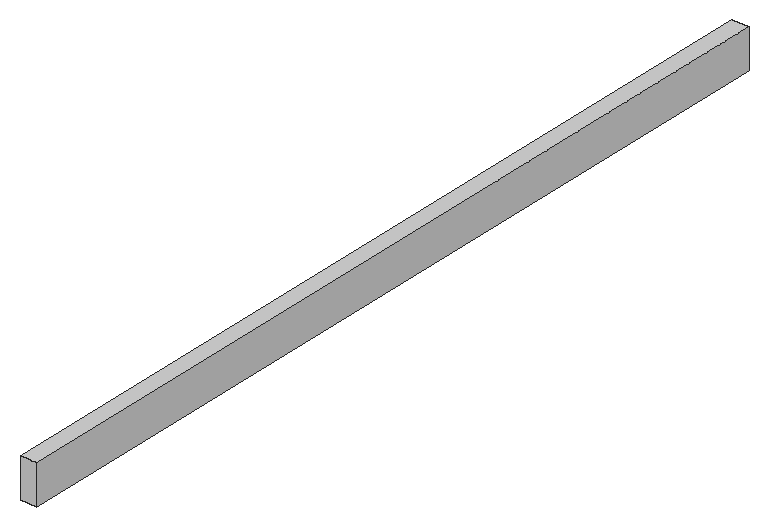
Revit family "ORMA_COMPENSATION TUBE 2,7_1900216", category Generic Models, Revit 2018
Family settings
  Can host rebar = No
  Round Connector Dimension = Use Diameter
  Part Type = Normal
  OmniClass Number = 35.51.14.00
  OmniClass Title = FORMWORK
  Work Plane-Based = Yes
  Always vertical = No
  Cut with Voids When Loaded = No
  Shared = Yes
  Room Calculation Point = No
Parameters
  VERSION = "20190101"  # constant formula
  URL = "www.ulmaconstruction.com/en"
  UNICLASS = ""
  ITEM_CODE = "1900216"
  Manufacturer = "ULMA CONSTRUCTION"  # constant formula
  FILTER [instance] = ""
  Default Elevation = 0.000 mm
  CLASSIFICATION_TITLE = ""
  CLASSIFICATION_NUMBER = ""
Reference planes
  plane 1 "Centro (Frontal/Posterior)": y = 0
  plane 2: z = 0
  plane 3 "Centro (Izquierda/Derecha)": x = 0
  plane 4 "ITEM_HEIGHT": y = 2700
  plane 5 "HOLES": z = -35
  plane 6 "HOLE 1": y = 180
  plane 7 "HOLE 2": y = 450
  plane 8 "HOLE 3": y = 1050
  plane 9 "HOLE 4": y = 1650
  plane 10 "HOLE 5": y = 2250
  plane 11 "HOLE 6": y = 2520
  plane 12 "TIE HOLE 3": y = 2650
  plane 13 "TIE HOLE 1": y = 560
  plane 14 "TIE HOLE 2": y = 2140
Forms (mm)
  Extrusion 1, solid, material "ULMA ZINC"
    sketch origin (0, 0, -120) x (1, 0, 0) y (0, 0, 1)
      loop
        line (0, 0) -> (50, 0) -> (50, 120) -> (0, 120) -> (0, 0)
    from 0 to -2700
Lines and regions (mm)
  model lines, style "ULMA PANELS", detail levels fine
    curve 1: arc (38, 2202, 0) -> (25, 2215, 0) -> (12, 2202, 0) r 13
    curve 2: line (12, 2202, 0) -> (12, 2078.052, 0)
    curve 3: arc (12, 2078.052, 0) -> (24.974, 2065, 0) -> (38, 2078, 0) r 13
    curve 4: line (38, 2078, 0) -> (38, 2202, 0)
    curve 5: arc (38.002, 621.998, 0) -> (24.907, 634.999, 0) -> (12.001, 621.81, 0) r 13.001
    curve 6: line (12.001, 621.81, 0) -> (12.001, 498, 0)
    curve 7: arc (12.001, 498, 0) -> (25.002, 484.999, 0) -> (38.002, 498, 0) r 13.001
    curve 8: line (38.002, 498, 0) -> (38.002, 621.998, 0)
    curve 9: circle (25, 2140, -120) r 13 normal (0, 0, 1)
    curve 10: circle (25, 560, -120) r 13 normal (0, 0, 1)
    curve 12: circle (0, 450, -35) r 10 normal (1, 0, 0)
    curve 13: circle (0, 1050, -35) r 10 normal (1, 0, 0)
    curve 14: circle (0, 1650, -35) r 10 normal (1, 0, 0)
    curve 15: circle (0, 2250, -35) r 10 normal (1, 0, 0)
    curve 16: circle (0, 2520, -35) r 10 normal (1, 0, 0)
    curve 18: circle (50, 450, -35) r 10 normal (1, 0, 0)
    curve 19: circle (50, 1050, -35) r 10 normal (1, 0, 0)
    curve 20: circle (50, 1650, -35) r 10 normal (1, 0, 0)
    curve 21: circle (50, 2250, -35) r 10 normal (1, 0, 0)
    curve 22: circle (50, 2520, -35) r 10 normal (1, 0, 0)
  model lines
    curve 11: circle (0, 180, -35) r 10 normal (1, 0, 0)
    curve 17: circle (50, 180, -35) r 10 normal (1, 0, 0)
Dimensions and locks
  locked: plane 1 "Centro (Frontal/Posterior)" to plane 4 "ITEM_HEIGHT" at 2700
  aligned and locked: level to plane 2
  aligned and locked: plane 4 "ITEM_HEIGHT" to Extrusion 1
